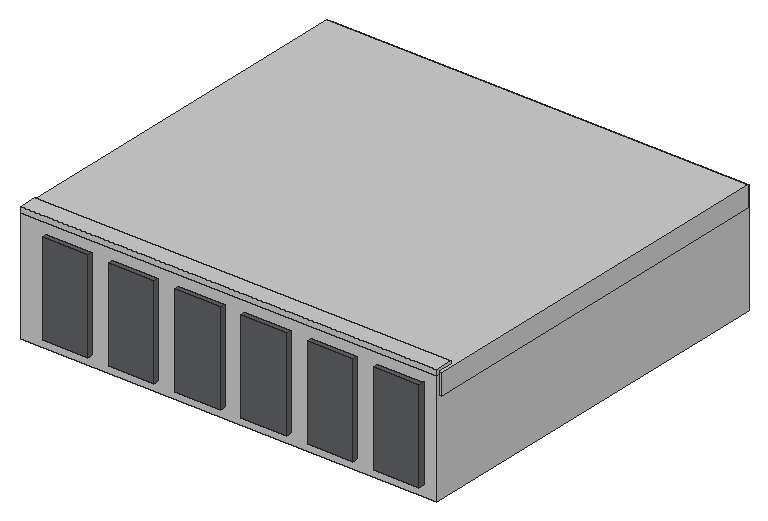
Revit family "Energieverteiler UVS, mit Steckanschluss 5-polig, 6 Ausgangbuchen 3-polig", category Generic Models, Revit 2015
Parameters (values of type "UVS-6S2SA")
  Width 2 = 53 mm
  Width 1 = 31 mm
  Width = 160 mm
  URL = "http://www.obo-bettermann.com"
  Material 3 = Plastic Black
  Material 2 = Plastic Black
  Material = Steel
  Manufacturer Art.No. = "6108012"
  Manufacturer = "OBO Bettermann"
  Length 1 = 135 mm
  Length = 150 mm
  Height 2 = 18 mm
  Height 1 = 10 mm
  Height = 43.3 mm
  GTIN = "4012195522997"
  Article Type = "UVS-6S2SA"
Types (5, lengths in mm): name | Width 2 | Width 1 | Material 2 | Material | Manufacturer Art.No. | Height 2 | Height 1 | GTIN | Article Type
  (no name) | 53 | 31 | Plastic Black | Steel | "6108012" | 18 | 10 | "4012195522997" | "UVS-6S2SA"
  UVS-6S2SA | 53 | 31 | Plastic Black | Steel | "6108012" | 18 | 10 | "4012195522997" | "UVS-6S2SA"
  UVS-6W2SA | 53 | 31 | Plastic White | Steel | "6108014" | 18 | 10 | "4012195523000" | "UVS-6W2SA"
  UVS-6S2SA1P | 17.5 | 42.5 | Plastic Black | Steel, Galvanized | "6108013" | 35.5 | 2.4 | "4012195685050" | "UVS-6S2SA1P"
  UVS-6W2SA1P | 17.5 | 42.5 | Plastic White | Steel, Galvanized | "6108015" | 35.5 | 2.4 | "4012195685067" | "UVS-6W2SA1P"
Reference planes
  plane 1 "Center (Front/Back)": y = 0
  plane 2: z = 0
  plane 3 "Center (Left/Right)": x = 0
  plane 4: z = 43.3
  plane 5: z = 42.3
  plane 6: z = 1
  plane 7: z = 39.5
  plane 8: z = 4
  plane 9: y = -39.7
  plane 10: y = -77
  plane 11: z = 10
  plane 12: z = 28
  plane 13: x = -82
  plane 14: x = -44.5
  plane 15: y = -73.9
  plane 16: y = 73.7
Forms (mm)
  Extrusion 1, solid, material "Steel" <- "Material"
    sketch origin (0, 0, 0) x (1, 0, 0) y (0, 1, 0)
      loop
        line (-80, 75) -> (-80, -75) -> (80, -75) -> (80, 75) -> (-80, 75)
    from 0 to 43.3
  Extrusion 2, void
    sketch origin (0, 0, 0) x (1, 0, 0) y (0, 1, 0)
      loop
        line (-79, 74) -> (-79, -74) -> (79, -74) -> (79, 74) -> (-79, 74)
    from 1 to 42.3
  Extrusion 3, void
    sketch origin (0, 0, 0) x (1, 0, 0) y (0, 1, 0)
      loop
        line (-79, 67.5) -> (-79, -67.5) -> (79, -67.5) -> (79, 67.5) -> (-79, 67.5)
    from 42.3 to 43.3
  Extrusion 4, void
    sketch origin (0, 0, 0) x (1, 0, 0) y (0, 1, 0)
      loop
        line (41.5, 61.206) -> (41.5, 43.206) -> (58.5, 43.206) -> (58.5, 61.206) -> (41.5, 61.206)
    from 0 to 1
  Extrusion 5, solid, material "Plastic Black" <- "Material 2"
    sketch origin (0, 0, 0) x (1, 0, 0) y (0, 0, 1)
      loop
        line (-70.05, 39.5) -> (-70.05, 4) -> (-52.55, 4) -> (-52.55, 39.5) -> (-70.05, 39.5)
      loop
        line (-44.55, 39.5) -> (-44.55, 4) -> (-27.05, 4) -> (-27.05, 39.5) -> (-44.55, 39.5)
      loop
        line (-19.05, 39.5) -> (-19.05, 4) -> (-1.55, 4) -> (-1.55, 39.5) -> (-19.05, 39.5)
      loop
        line (6.45, 39.5) -> (6.45, 4) -> (23.95, 4) -> (23.95, 39.5) -> (6.45, 39.5)
      loop
        line (31.95, 39.5) -> (31.95, 4) -> (49.45, 4) -> (49.45, 39.5) -> (31.95, 39.5)
      loop
        line (57.45, 39.5) -> (57.45, 4) -> (74.95, 4) -> (74.95, 39.5) -> (57.45, 39.5)
    from 39.7 to 77
  Extrusion 6, solid, material "Plastic Black" <- "Material 3"
    sketch origin (0, 0, 0) x (0, 1, 0) y (0, 0, 1)
      loop
        line (44, 28) -> (-9, 28) -> (-9, 10) -> (44, 10) -> (44, 28)
    from -82 to -44.55
  Extrusion 7, solid, material "Steel" <- "Material"
    sketch origin (0, 0, 0) x (1, 0, 0) y (0, 0, 1)
      loop
        line (80, 43.3) -> (80, 36.3) -> (81, 36.3) -> (81, 44.3) -> (-81, 44.3) -> (-81, 36.3) -> (-80, 36.3) -> (-80, 43.3) -> (80, 43.3)
    from -73.7 to 73.9
  Extrusion 8, void
    sketch origin (0, 0, 0) x (0, 1, 0) y (0, 0, 1)
      loop
        line (-74, 42.3) -> (-67.5, 42.3) -> (-67.5, 43.3) -> (-74, 43.3) -> (-74, 42.3)
    from -79 to 79
  Extrusion 9, solid, material "Steel" <- "Material"
    sketch origin (0, 0, 0) x (0, 1, 0) y (0, 0, 1)
      loop
        line (-75, 43.3) -> (-74, 43.3) -> (-74, 44.6) -> (-68, 44.6) -> (-68, 45.6) -> (-75, 45.6) -> (-75, 43.3)
    from -80 to 80
Cuts and joins
  Extrusion 2, Extrusion 3, Extrusion 4, Extrusion 8 cuts Extrusion 1
  Extrusion 8 cuts Extrusion 7
Dimensions and locks
  "Width": Extrusion 1 sketch curve to Extrusion 1 sketch curve
  equal spacing: Extrusion 1 sketch curve, plane 3 "Center (Left/Right)", Extrusion 1 sketch curve
  "Length": Extrusion 1 sketch curve to Extrusion 1 sketch curve
  equal spacing: Extrusion 1 sketch curve, plane 1 "Center (Front/Back)", Extrusion 1 sketch curve
  "Height": plane 4 to level
  locked: Extrusion 1 to Extrusion 2 sketch curve at 1  (x2)
  locked: Extrusion 2 sketch curve to Extrusion 1 at 1  (x2)
  locked: plane 4 to plane 5 at 1
  locked: plane 6 to level at 1
  "Length 1": Extrusion 3 sketch curve to Extrusion 3 sketch curve
  equal spacing: Extrusion 3 sketch curve, plane 1 "Center (Front/Back)", Extrusion 3 sketch curve
  locked: Extrusion 4 sketch curve to Extrusion 4 sketch curve at 17
  locked: Extrusion 4 sketch curve to Extrusion 4 sketch curve at 18
  locked: cut or joined group of Extrusion 1, Extrusion 2, Extrusion 3, Extrusion 4, Extrusion 8 to Extrusion 4 sketch curve at 24.294
  locked: Extrusion 4 sketch curve to cut or joined group of Extrusion 1, Extrusion 2, Extrusion 3, Extrusion 4, Extrusion 8 at 20.5
  locked: plane 8 to cut or joined group of Extrusion 1, Extrusion 2, Extrusion 3, Extrusion 4, Extrusion 8 at 4
  locked: plane 7 to plane 8 at 35.5
  locked: cut or joined group of Extrusion 1, Extrusion 2, Extrusion 3, Extrusion 4, Extrusion 8 to Extrusion 5 sketch curve at 9.95
  locked: Extrusion 5 sketch curve to Extrusion 5 sketch curve at 17.5  (x6)
  locked: Extrusion 5 sketch curve to Extrusion 5 sketch curve at 8  (x5)
  locked: plane 10 to cut or joined group of Extrusion 1, Extrusion 2, Extrusion 3, Extrusion 4, Extrusion 8 at 2
  locked: plane 9 to plane 10 at 37.3
  "Height 1": plane 11 to level
  "Height 2": plane 12 to plane 11
  "Width 2": Extrusion 6 sketch curve to Extrusion 6 sketch curve
  "Width 1": cut or joined group of Extrusion 1, Extrusion 2, Extrusion 3, Extrusion 4, Extrusion 8 to Extrusion 6 sketch curve
  locked: plane 13 to cut or joined group of Extrusion 1, Extrusion 2, Extrusion 3, Extrusion 4, Extrusion 8 at 2
  locked: plane 13 to plane 14 at 37.5
  locked: cut or joined group of Extrusion 1, Extrusion 2, Extrusion 3, Extrusion 4, Extrusion 8 to Extrusion 7 sketch curve at 7  (x2)
  locked: Extrusion 7 sketch curve to cut or joined group of Extrusion 1, Extrusion 2, Extrusion 3, Extrusion 4, Extrusion 8 at 1  (x3)
  locked: cut or joined group of Extrusion 1, Extrusion 2, Extrusion 3, Extrusion 4, Extrusion 8 to plane 15 at 1.1
  locked: cut or joined group of Extrusion 1, Extrusion 2, Extrusion 3, Extrusion 4, Extrusion 8 to plane 16 at 1.3
  locked: cut or joined group of Extrusion 1, Extrusion 2, Extrusion 3, Extrusion 4, Extrusion 8 to Extrusion 8 sketch curve at 6.5
  locked: Extrusion 9 sketch curve to level at 45.6
  locked: Extrusion 9 sketch curve to Extrusion 9 sketch curve at 1  (x2)
  locked: cut or joined group of Extrusion 1, Extrusion 2, Extrusion 3, Extrusion 4, Extrusion 8 to Extrusion 9 sketch curve at 1
  locked: Extrusion 9 sketch curve to Extrusion 9 sketch curve at 7
  aligned and locked: level to plane 2
  aligned and locked: Extrusion 1 to level
  aligned and locked: plane 4 to Extrusion 1
  aligned and locked: Extrusion 2 to plane 6
  aligned and locked: plane 5 to Extrusion 2
  aligned and locked: Extrusion 3 sketch curve to cut or joined group of Extrusion 1, Extrusion 2, Extrusion 3, Extrusion 4, Extrusion 8  (x2)
  aligned and locked: Extrusion 3 to Extrusion 2
  aligned and locked: Extrusion 1 to Extrusion 3
  aligned and locked: Extrusion 4 to level
  aligned and locked: Extrusion 4 to Extrusion 2
  aligned and locked: Extrusion 5 sketch curve to plane 7  (x6)
  aligned and locked: plane 8 to Extrusion 5 sketch curve  (x6)
  aligned and locked: Extrusion 5 to plane 10
  aligned and locked: plane 9 to Extrusion 5
  aligned and locked: plane 12 to Extrusion 6 sketch curve
  aligned and locked: Extrusion 6 sketch curve to plane 11
  aligned and locked: Extrusion 6 to plane 13
  aligned and locked: Extrusion 5 to Extrusion 6
  aligned and locked: Extrusion 7 sketch curve to cut or joined group of Extrusion 1, Extrusion 2, Extrusion 3, Extrusion 4, Extrusion 8  (x2)
  aligned and locked: cut or joined group of Extrusion 1, Extrusion 2, Extrusion 3, Extrusion 4, Extrusion 8 to Extrusion 7 sketch curve
  aligned and locked: plane 16 to Extrusion 7
  aligned and locked: Extrusion 7 to plane 15
  aligned and locked: Extrusion 8 sketch curve to plane 4
  aligned and locked: Extrusion 8 sketch curve to cut or joined group of Extrusion 1, Extrusion 2, Extrusion 3, Extrusion 4, Extrusion 8
  aligned and locked: plane 5 to Extrusion 8 sketch curve
  aligned and locked: Extrusion 2 to Extrusion 8
  aligned and locked: Extrusion 8 to Extrusion 2
  aligned and locked: plane 4 to Extrusion 9 sketch curve
  aligned and locked: Extrusion 9 to cut or joined group of Extrusion 1, Extrusion 2, Extrusion 3, Extrusion 4, Extrusion 8
  aligned and locked: cut or joined group of Extrusion 1, Extrusion 2, Extrusion 3, Extrusion 4, Extrusion 8 to Extrusion 9
